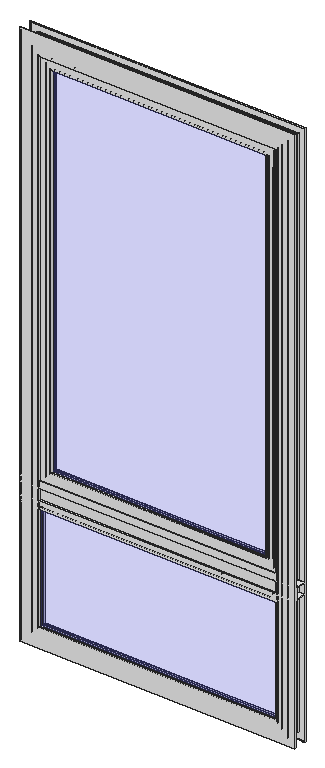
Revit family "WAL_A3-Classic-Side-Hung-600x1200-PS61L", category Windows, host Wall, Revit 2016
Family settings
  Host = Wall
  Always vertical = Yes
  Cut with Voids When Loaded = No
  Shared = No
  Room Calculation Point = No
Parameters (values of type "600 x 1200 PS61L Classic Side Hung")
  URL = "www.agi.co.za"
  Trim Material = Metal - Aluminium
  Model = "Top Hung"
  Manufacturer Code = "PS61L"
  Manufacturer = "AGI Aluminium"
  Height = 1200 mm
  Glass Material = Glass
  Frame Material = Metal - Aluminium
  Description = "Classic Side Hung"
  Default Sill Height = 800 mm
  Wall Closure = By host
  Width = 600 mm
  Assembly Code = "B2020110"
Reference planes
  plane 1 "Center": y = 0
  plane 2 "Center (Left/Right)": x = 0
  plane 3 "Left": x = -300
  plane 4 "Right": x = 300
  plane 5 "Sill": z = 800
  plane 6 "Head": z = 2000
  plane 7 "Exterior": y = 75
  plane 8 "Interior": y = -75
  plane 9: z = 2002
  plane 10: x = 302
  plane 11: x = -302
  plane 12: z = 798
  plane 13: z = 1964
  plane 14: z = 813.9
  plane 15: x = 264
  plane 16: x = -264
  plane 17: z = 1100
  plane 18: z = 1122
  plane 19: z = 1084
  plane 20: x = 286.1
  plane 21: x = -286.1
Forms (mm)
  Sweep 1, solid, material "Metal - Aluminium", detail levels medium+fine
    path origin (0, 0, 0) x (1, 0, 0) y (0, 0, 1)
      loop
        line (300, 2000) -> (-300, 2000) -> (-300, 800) -> (300, 800) -> (300, 2000)
    profile "Frame : Frame" origin (0, 0, 2000) x (0, 0, -1) y (0, -1, 0)
      loop
        line (0, -30) -> (28, -30) -> (28, -29) -> (26, -29) -> (26, -1) -> (28, -1) -> (28, -7) -> (29, -7) -> (29, -1) -> (37, -1) -> (37, -3.645) -> (38, -3.645) -> (38, -1) -> (40, -1) -> (40, -3.645) -> (41, -3.645) -> (41, 0) -> (0, 0) -> (0, -2) -> (1, -2) -> (1, -1) -> (15.005, -1) -> (15.005, -4) -> (16.005, -4) -> (16.005, -1) -> (25, -1) -> (25, -29) -> (16.005, -29) -> (16.005, -26) -> (15.005, -26) -> (15.005, -29) -> (1, -29) -> (1, -28) -> (0, -28) -> (0, -30)
  Sweep 2, solid, material "Metal - Aluminium", detail levels medium+fine
    path origin (0, 0, 0) x (1, 0, 0) y (0, 0, 1)
      loop
        line (300, 1100) -> (-300, 1100)
    profile "30 x 50 Center Divide : 30 x 50 Center Divide" origin (0, 0, 1100) x (0, 0, -1) y (0, -1, 0)
      loop
        line (-11, -5) -> (-11, -29) -> (11, -29) -> (11, -5) -> (-11, -5)
      loop
        line (-27.011, 0) -> (-27.011, -3.245) -> (-26.011, -3.245) -> (-26.011, -1) -> (-24.011, -1) -> (-24.011, -3.245) -> (-23.011, -3.245) -> (-23.011, -1) -> (-15.011, -1) -> (-15.011, -6.6) -> (-14.011, -6.6) -> (-14.011, -1) -> (-13.142, -1) -> (-12, -5.263) -> (-12, -29) -> (-14, -29) -> (-14, -30) -> (14, -30) -> (14, -29) -> (12, -29) -> (12, -5.263) -> (13.142, -1) -> (14, -1) -> (14, -7) -> (15, -7) -> (15, -1) -> (23, -1) -> (23, -3.645) -> (24, -3.645) -> (24, -1) -> (26, -1) -> (26, -3.645) -> (27, -3.645) -> (27, 0) -> (12.375, 0) -> (11.303, -4) -> (-11.303, -4) -> (-12.375, 0) -> (-27.011, 0)
  Sweep 3, solid, material "Metal - Aluminium", detail levels medium+fine
    path origin (0, 0, 0) x (1, 0, 0) y (0, 0, 1)
      loop
        line (300, 2002) -> (-300, 2002) -> (-300, 1084) -> (300, 1084) -> (300, 2002)
    profile "Casement : Casement" origin (0, 0, 2002) x (0, 0, -1) y (0, -1, 0)
      loop
        line (40, -4.645) -> (40, -32.645) -> (49, -32.645) -> (49, -4.645) -> (40, -4.645)
      loop
        line (65, -3.645) -> (37, -3.645) -> (37, -4.645) -> (39, -4.645) -> (39, -32.645) -> (37, -32.645) -> (37, -26.645) -> (36, -26.645) -> (36, -32.645) -> (28, -32.645) -> (28, -30) -> (27, -30) -> (27, -32.645) -> (25, -32.645) -> (25, -30) -> (24, -30) -> (24, -33.645) -> (50, -33.645) -> (50, -4.645) -> (52, -4.645) -> (52, -10.645) -> (53, -10.645) -> (53, -4.645) -> (61, -4.645) -> (61, -7.289) -> (62, -7.289) -> (62, -4.645) -> (64, -4.645) -> (64, -7.289) -> (65, -7.289) -> (65, -3.645)
  Sweep 4, solid, material "Metal - Aluminium", detail levels medium+fine
    path origin (0, 0, 0) x (1, 0, 0) y (0, 0, 1)
      loop
        line (286.1, 1100) -> (-286.1, 1100) -> (-286.1, 813.9) -> (286.1, 813.9) -> (286.1, 1100)
    profile "Trim : Trim" origin (0, 0, 1100) x (0, 0, -1) y (0, -1, 0)
      loop
        line (24.555, -1.643) -> (24.555, -4.05)
        arc (24.555, -4.05) -> (23.436, -4.753) -> (23, -6) r 2
        line (23, -6) -> (27, -6)
        arc (27, -6) -> (26.552, -4.739) -> (25.41, -4.042) r 2
        line (25.41, -4.042) -> (25.41, -1.643) -> (24.555, -1.643)
      loop
        line (14, -29) -> (29, -14) -> (29, -12.474) -> (26.323, -12.474)
        arc (26.323, -12.474) -> (26.823, -11.797) -> (27, -10.974) r 2
        line (27, -10.974) -> (23, -10.974)
        arc (23, -10.974) -> (23.177, -11.797) -> (23.677, -12.474) r 2
        line (23.677, -12.474) -> (13.467, -12.474) -> (13.467, -4) -> (12.5, -4) -> (12.5, -13.474) -> (20.535, -13.474) -> (24.323, -17.263) -> (12.586, -29) -> (14, -29)
  Sweep 5, solid, material "Metal - Aluminium", detail levels medium+fine
    path origin (0, 0, 0) x (1, 0, 0) y (0, 0, 1)
      loop
        line (264, 1964) -> (-264, 1964) -> (-264, 1122) -> (264, 1122) -> (264, 1964)
    profile "Trim : Trim" origin (0, 0, 1964) x (0, 0, -1) y (0, -1, 0)
      loop
        line (24.555, -4.643) -> (24.555, -7.05)
        arc (24.555, -7.05) -> (23.436, -7.753) -> (23, -9) r 2
        line (23, -9) -> (27, -9)
        arc (27, -9) -> (26.552, -7.739) -> (25.41, -7.042) r 2
        line (25.41, -7.042) -> (25.41, -4.643) -> (24.555, -4.643)
      loop
        line (14, -32) -> (29, -17) -> (29, -15.474) -> (26.323, -15.474)
        arc (26.323, -15.474) -> (26.823, -14.797) -> (27, -13.974) r 2
        line (27, -13.974) -> (23, -13.974)
        arc (23, -13.974) -> (23.177, -14.797) -> (23.677, -15.474) r 2
        line (23.677, -15.474) -> (13.467, -15.474) -> (13.467, -7) -> (12.5, -7) -> (12.5, -16.474) -> (20.535, -16.474) -> (24.323, -20.263) -> (12.586, -32) -> (14, -32)
  Extrusion 6, solid, material "Glass", detail levels medium+fine
    sketch origin (0, 0, 0) x (1, 0, 0) y (0, 1, 0)
      loop
        line (-263.118, 10.974) -> (-263.118, 6) -> (263.1, 6) -> (263.1, 10.974) -> (-263.118, 10.974)
    from 836.9 to 1077
  Extrusion 7, solid, material "Glass", detail levels medium+fine
    sketch origin (0, 0, 0) x (1, 0, 0) y (0, 1, 0)
      loop
        line (-241.018, 13.974) -> (-241.018, 9) -> (241, 9) -> (241, 13.974) -> (-241.018, 13.974)
    from 1145 to 1941
Cuts and joins
  joined: Sweep 1, Sweep 2
Lines and regions (mm)
  Opening 1
    outline origin (3500, -75, 0) x (1, 0, 0) y (0, 0, 1)
      loop
        line (-3200, 800) -> (-3200, 2000) -> (-3800, 2000) -> (-3800, 800) -> (-3200, 800)
  symbolic lines, style "Elevation Swing"
    curve 1: line (278, 0, 1978) -> (-276, 0, 1550)
    curve 2: line (-276, 0, 1550) -> (276, 0, 1108)
Text (mm)
  text "EXTERIOR" at (-1963.203, 1332.353, 0), in view "Ref. Level"
  text "INTERIOR" at (-1981.466, -818.386, 0), in view "Ref. Level"
  text "Exterior" at (0, 923.751, 2943.296), in view "Right"
  text "Exterior" at (0, 1040.484, 2685.409), in view "Left"
Dimensions and locks
  equal spacing: plane 3 "Left", plane 2 "Center (Left/Right)", plane 4 "Right"
  "Width": plane 3 "Left" to plane 4 "Right"
  "Height": plane 5 "Sill" to plane 6 "Head"
  "Default Sill Height": plane 5 "Sill" to level
  locked: plane 7 "Exterior" to host wall at 0
  locked: plane 8 "Interior" to host wall
  locked: plane 12 to plane 5 "Sill" at 2
  locked: plane 6 "Head" to plane 9 at 2
  locked: plane 4 "Right" to plane 10 at 2
  locked: plane 11 to plane 3 "Left" at 2
  locked: plane 15 to plane 4 "Right" at 36
  locked: plane 3 "Left" to plane 16 at 36
  locked: plane 5 "Sill" to plane 14 at 13.9
  locked: plane 13 to plane 6 "Head" at 36
  locked: plane 5 "Sill" to plane 17 at 300
  locked: plane 19 to plane 17 at 16
  locked: plane 17 to plane 18 at 22
  locked: plane 20 to plane 4 "Right" at 13.9
  locked: plane 21 to plane 3 "Left" at 13.9
  equal spacing: plane 17, curve 2, plane 6 "Head"
  aligned and locked: host wall to Sweep 1 sketch curve
  aligned and locked: Sweep 1 sketch curve to host wall  (x3)
  aligned and locked: plane 3 "Left" to Sweep 2 sketch curve
  aligned and locked: plane 4 "Right" to Sweep 2 sketch curve
  aligned and locked: Sweep 2 sketch curve to plane 17
  aligned and locked: plane 19 to Sweep 3 sketch curve
  aligned and locked: Sweep 3 sketch curve to Sweep 1  (x2)
  aligned and locked: Sweep 3 sketch curve to plane 9
  aligned and locked: plane 14 to Sweep 4 sketch curve
  aligned and locked: plane 20 to Sweep 4 sketch curve
  aligned and locked: plane 21 to Sweep 4 sketch curve
  aligned and locked: Sweep 4 sketch curve to plane 17
  aligned and locked: plane 18 to Sweep 5 sketch curve
  aligned and locked: plane 15 to Sweep 5 sketch curve
  aligned and locked: Sweep 5 sketch curve to plane 13
  aligned and locked: Sweep 5 sketch curve to plane 16
  aligned and locked: Sweep 4 to Extrusion 6 sketch curve  (x2)
  aligned and locked: Extrusion 6 sketch curve to Sweep 4  (x2)
  aligned and locked: Extrusion 6 to Sweep 4  (x2)
  aligned and locked: Sweep 5 to Extrusion 7 sketch curve  (x2)
  aligned and locked: Extrusion 7 sketch curve to Sweep 5  (x2)
  aligned and locked: Extrusion 7 to Sweep 5  (x2)
Automatic sketch dimensions
  Opening 1 sketch curve to plane 3 "Left" = 0 mm
  Opening 1 sketch curve to plane 4 "Right" = 0 mm
  Opening 1 sketch curve to plane 5 "Sill" = 0 mm
  Opening 1 sketch curve to plane 6 "Head" = 0 mm
  plane 21 to curve 1 = 10.1 mm
  plane 20 to curve 2 = 10.1 mm
  plane 20 to curve 1 = 8.1 mm
  plane 17 to curve 2 = 8 mm
  plane 13 to curve 1 = 14 mm
